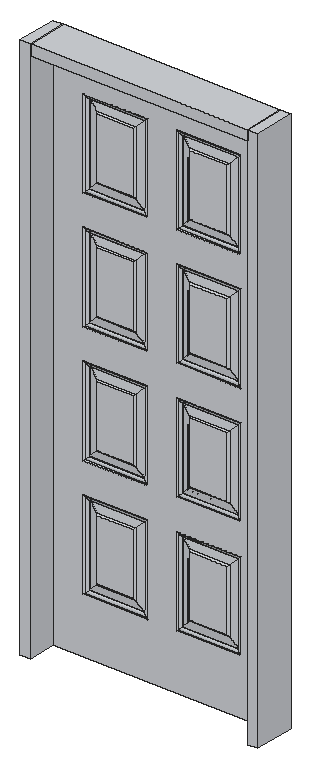
Revit family "Entrance-Doors_Steel_8-Panel-Embossment_Taylor-Entrance", category Doors, host Wall, Revit 2026
Family settings
  Host = Wall
  Classification Number = 23.30.10.00
  Always vertical = Yes
  Cut with Voids When Loaded = No
  Shared = No
  Room Calculation Point = No
Parameters (values of type "2' 8" x 6' 8"")
  URL = "https://www.groupenovatech.com/"
  Top Embossment Height = 25.3700"
  Thickness = 1.7300"
  Door Width = 31.7500"
  Door Material = none
  Door Height = 78.9400"
  Top Distance = 5.0000"
  Symbolic Pattern = Door Width  # 31.7500"
  Specification = "https://www.arcat.com/company/taylor-entrance-systems-inc-50999/spec"
  Product Page URL = "https://www.arcat.com/arcatcos/cos50/arc50999.html"
  Frame Thickness = 1.4850"
  Embossment Height = 13.0000"
  Model = ""
  Manufacturer = "Taylor Entrance Systems"
  Keynote = "08 42 00"
  Function = Interior
  Height = 78.9400"
  Wall Closure = By host
  Width = 31.7500"
  Define Thermal Properties by = Schematic Type
  Copyright = "ARCAT"
  CAD Details = "https://www.arcat.com/company/taylor-entrance-systems-inc-50999/cad"
  C - Distance = 4.3750"
  Bottom Distance = 8.1900"
  B - Distance = 4.3750"
  Analytic Construction = "<None>"
Types (6): name | Door Width | Door Material | Door Height | Symbolic Pattern | Height | Width | C - Distance | B - Distance
  2' 8" x 6' 8" | 31.7500" | none | 78.9400" | 31.7500" | 78.9400" | 31.7500" | 4.3750" | 4.3750"
  2'10" x 6' 8" | 33.7500" | none | 78.9400" | 33.7500" | 78.9400" | 33.7500" | 5.3750" | 5.3750"
  3' 0" x 6' 8" | 35.7500" | Default Wall | 78.9400" | 35.7500" | 78.9400" | 35.7500" | 6.3750" | 6.3750"
  2' 8" x 7' 0" | 31.7500" | none | 82.9400" | 31.7500" | 82.9400" | 31.7500" | 4.3750" | 4.3750"
  2'10" x 7' 0" | 33.7500" | none | 82.9400" | 33.7500" | 82.9400" | 33.7500" | 5.3750" | 5.3750"
  3' 0" x 7' 0" | 35.7500" | none | 82.9400" | 35.7500" | 82.9400" | 35.7500" | 6.3750" | 6.3750"
Reference planes (in)
  plane 1: y = 0
  plane 2 "Center (Left/Right)": x = 0
  plane 3 "Left": x = -15.875
  plane 4 "Right": x = 15.875
  plane 5: z = 78.94
  plane 6 "Exterior": y = 2.95276
  plane 7 "Interior": y = -2.95276
  plane 8: x = 11.5
  plane 9: x = -11.5
  plane 10: z = 8.19
  plane 11: z = 38.69
  plane 12: z = 25.69
  plane 13: z = 21.19
  plane 14: z = 0
  plane 15: z = 79
  plane 16: y = 1.22276
  plane 17: y = 34.70276
  plane 18: x = 17.36
  plane 19: x = -17.36
  plane 20: z = 80.425
  plane 21: x = 2.125
  plane 22: x = -2.125
  plane 23: z = 43.19
  plane 24: z = 56.19
  plane 25: z = 60.69
  plane 26: z = 73.69
Forms (in)
  Extrusion 1, solid, material <- "Door Material"
    sketch origin (0, 0, 0) x (1, 0, 0) y (0, 1, 0)
      loop
        line (-15.875, 2.95276) -> (-15.875, 1.22276) -> (15.875, 1.22276) -> (15.875, 2.95276) -> (-15.875, 2.95276)
    from 0 to 78.94
  Extrusion 2, solid, material <- "Door Material"
    sketch origin (0, 0, 0) x (1, 0, 0) y (0, 1, 0)
      loop
        line (-17.36, 2.95276) -> (-17.36, -2.95276) -> (-15.875, -2.95276) -> (-15.875, 2.95276) -> (-17.36, 2.95276)
    from 0 to 80.425
  Extrusion 3, solid, material <- "Door Material"
    sketch origin (0, 0, 0) x (1, 0, 0) y (0, 1, 0)
      loop
        line (15.875, 2.95276) -> (15.875, -2.95276) -> (17.36, -2.95276) -> (17.36, 2.95276) -> (15.875, 2.95276)
    from 0 to 80.425
  Extrusion 4, solid, material <- "Door Material"
    sketch origin (0, 0, 0) x (0, 1, 0) y (0, 0, 1)
      loop
        line (2.95276, 80.425) -> (-2.95276, 80.425) -> (-2.95276, 78.94) -> (2.95276, 78.94) -> (2.95276, 80.425)
    from -15.875 to 15.875
  Sweep 5, void
    path origin (0, 2.95276, 0) x (1, 0, 0) y (0, 0, 1)
      loop
        line (11.5, 73.69) -> (2.125, 73.69) -> (2.125, 60.69) -> (11.5, 60.69) -> (11.5, 73.69)
    profile origin (6.8125, 2.95276, 73.69) x (0, 0, -1) y (0, -1, 0)
      loop
        line (0.14115, 0.14115) -> (0, 0) -> (2, 0) -> (1.782, 0.182) -> (0.6193, 0.34015)
        arc (0.6193, 0.34015) -> (0.5959, 0.33623) -> (0.57884, 0.31974) r 0.04
        arc (0.57884, 0.31974) -> (0.39168, 0.15279) -> (0.14115, 0.14115) r 0.375
  Sweep 6, void
    path origin (-13.625, 2.95276, 0) x (1, 0, 0) y (0, 0, 1)
      loop
        line (11.5, 73.69) -> (2.125, 73.69) -> (2.125, 60.69) -> (11.5, 60.69) -> (11.5, 73.69)
    profile origin (-6.8125, 2.95276, 73.69) x (0, 0, -1) y (0, -1, 0)
      loop
        line (0.14115, 0.14115) -> (0, 0) -> (2, 0) -> (1.782, 0.182) -> (0.6193, 0.34015)
        arc (0.6193, 0.34015) -> (0.5959, 0.33623) -> (0.57884, 0.31974) r 0.04
        arc (0.57884, 0.31974) -> (0.39168, 0.15279) -> (0.14115, 0.14115) r 0.375
  Sweep 7, void
    path origin (0, 2.95276, -17.5) x (1, 0, 0) y (0, 0, 1)
      loop
        line (11.5, 73.69) -> (2.125, 73.69) -> (2.125, 60.69) -> (11.5, 60.69) -> (11.5, 73.69)
    profile origin (6.8125, 2.95276, 56.19) x (0, 0, -1) y (0, -1, 0)
      loop
        line (0.14115, 0.14115) -> (0, 0) -> (2, 0) -> (1.782, 0.182) -> (0.6193, 0.34015)
        arc (0.6193, 0.34015) -> (0.5959, 0.33623) -> (0.57884, 0.31974) r 0.04
        arc (0.57884, 0.31974) -> (0.39168, 0.15279) -> (0.14115, 0.14115) r 0.375
  Sweep 8, void
    path origin (-13.625, 2.95276, -17.5) x (1, 0, 0) y (0, 0, 1)
      loop
        line (11.5, 73.69) -> (2.125, 73.69) -> (2.125, 60.69) -> (11.5, 60.69) -> (11.5, 73.69)
    profile origin (-6.8125, 2.95276, 56.19) x (0, 0, -1) y (0, -1, 0)
      loop
        line (0.14115, 0.14115) -> (0, 0) -> (2, 0) -> (1.782, 0.182) -> (0.6193, 0.34015)
        arc (0.6193, 0.34015) -> (0.5959, 0.33623) -> (0.57884, 0.31974) r 0.04
        arc (0.57884, 0.31974) -> (0.39168, 0.15279) -> (0.14115, 0.14115) r 0.375
  Sweep 9, void
    path origin (0, 2.95276, -35) x (1, 0, 0) y (0, 0, 1)
      loop
        line (11.5, 73.69) -> (2.125, 73.69) -> (2.125, 60.69) -> (11.5, 60.69) -> (11.5, 73.69)
    profile origin (6.8125, 2.95276, 38.69) x (0, 0, -1) y (0, -1, 0)
      loop
        line (0.14115, 0.14115) -> (0, 0) -> (2, 0) -> (1.782, 0.182) -> (0.6193, 0.34015)
        arc (0.6193, 0.34015) -> (0.5959, 0.33623) -> (0.57884, 0.31974) r 0.04
        arc (0.57884, 0.31974) -> (0.39168, 0.15279) -> (0.14115, 0.14115) r 0.375
  Sweep 10, void
    path origin (-13.625, 2.95276, -35) x (1, 0, 0) y (0, 0, 1)
      loop
        line (11.5, 73.69) -> (2.125, 73.69) -> (2.125, 60.69) -> (11.5, 60.69) -> (11.5, 73.69)
    profile origin (-6.8125, 2.95276, 38.69) x (0, 0, -1) y (0, -1, 0)
      loop
        line (0.14115, 0.14115) -> (0, 0) -> (2, 0) -> (1.782, 0.182) -> (0.6193, 0.34015)
        arc (0.6193, 0.34015) -> (0.5959, 0.33623) -> (0.57884, 0.31974) r 0.04
        arc (0.57884, 0.31974) -> (0.39168, 0.15279) -> (0.14115, 0.14115) r 0.375
  Sweep 11, void
    path origin (0, 2.95276, -52.5) x (1, 0, 0) y (0, 0, 1)
      loop
        line (11.5, 73.69) -> (2.125, 73.69) -> (2.125, 60.69) -> (11.5, 60.69) -> (11.5, 73.69)
    profile origin (6.8125, 2.95276, 21.19) x (0, 0, -1) y (0, -1, 0)
      loop
        line (0.14115, 0.14115) -> (0, 0) -> (2, 0) -> (1.782, 0.182) -> (0.6193, 0.34015)
        arc (0.6193, 0.34015) -> (0.5959, 0.33623) -> (0.57884, 0.31974) r 0.04
        arc (0.57884, 0.31974) -> (0.39168, 0.15279) -> (0.14115, 0.14115) r 0.375
  Sweep 12, void
    path origin (-13.625, 2.95276, -52.5) x (1, 0, 0) y (0, 0, 1)
      loop
        line (11.5, 73.69) -> (2.125, 73.69) -> (2.125, 60.69) -> (11.5, 60.69) -> (11.5, 73.69)
    profile origin (-6.8125, 2.95276, 21.19) x (0, 0, -1) y (0, -1, 0)
      loop
        line (0.14115, 0.14115) -> (0, 0) -> (2, 0) -> (1.782, 0.182) -> (0.6193, 0.34015)
        arc (0.6193, 0.34015) -> (0.5959, 0.33623) -> (0.57884, 0.31974) r 0.04
        arc (0.57884, 0.31974) -> (0.39168, 0.15279) -> (0.14115, 0.14115) r 0.375
  Sweep 13, void
    path origin (15.875, 1.22276, 0) x (-1, 0, 0) y (0, 0, -1)
      loop
        line (27.375, -21.19) -> (27.375, -8.19) -> (18, -8.19) -> (18, -21.19) -> (27.375, -21.19)
    profile origin (-6.8125, 1.22276, 21.19) x (0, 0, 1) y (0, -1, 0)
      loop
        line (-0.14115, -0.14115) -> (0, 0) -> (-2, 0) -> (-1.782, -0.182) -> (-0.6193, -0.34015)
        arc (-0.6193, -0.34015) -> (-0.5959, -0.33623) -> (-0.57884, -0.31974) r 0.04
        arc (-0.57884, -0.31974) -> (-0.39168, -0.15279) -> (-0.14115, -0.14115) r 0.375
  Sweep 14, void
    path origin (29.5, 1.22276, 0) x (-1, 0, 0) y (0, 0, -1)
      loop
        line (27.375, -21.19) -> (27.375, -8.19) -> (18, -8.19) -> (18, -21.19) -> (27.375, -21.19)
    profile origin (6.8125, 1.22276, 21.19) x (0, 0, 1) y (0, -1, 0)
      loop
        line (-0.14115, -0.14115) -> (0, 0) -> (-2, 0) -> (-1.782, -0.182) -> (-0.6193, -0.34015)
        arc (-0.6193, -0.34015) -> (-0.5959, -0.33623) -> (-0.57884, -0.31974) r 0.04
        arc (-0.57884, -0.31974) -> (-0.39168, -0.15279) -> (-0.14115, -0.14115) r 0.375
  Sweep 15, void
    path origin (15.875, 1.22276, 17.5) x (-1, 0, 0) y (0, 0, -1)
      loop
        line (27.375, -21.19) -> (27.375, -8.19) -> (18, -8.19) -> (18, -21.19) -> (27.375, -21.19)
    profile origin (-6.8125, 1.22276, 38.69) x (0, 0, 1) y (0, -1, 0)
      loop
        line (-0.14115, -0.14115) -> (0, 0) -> (-2, 0) -> (-1.782, -0.182) -> (-0.6193, -0.34015)
        arc (-0.6193, -0.34015) -> (-0.5959, -0.33623) -> (-0.57884, -0.31974) r 0.04
        arc (-0.57884, -0.31974) -> (-0.39168, -0.15279) -> (-0.14115, -0.14115) r 0.375
  Sweep 16, void
    path origin (29.5, 1.22276, 17.5) x (-1, 0, 0) y (0, 0, -1)
      loop
        line (27.375, -21.19) -> (27.375, -8.19) -> (18, -8.19) -> (18, -21.19) -> (27.375, -21.19)
    profile origin (6.8125, 1.22276, 38.69) x (0, 0, 1) y (0, -1, 0)
      loop
        line (-0.14115, -0.14115) -> (0, 0) -> (-2, 0) -> (-1.782, -0.182) -> (-0.6193, -0.34015)
        arc (-0.6193, -0.34015) -> (-0.5959, -0.33623) -> (-0.57884, -0.31974) r 0.04
        arc (-0.57884, -0.31974) -> (-0.39168, -0.15279) -> (-0.14115, -0.14115) r 0.375
  Sweep 17, void
    path origin (15.875, 1.22276, 35) x (-1, 0, 0) y (0, 0, -1)
      loop
        line (27.375, -21.19) -> (27.375, -8.19) -> (18, -8.19) -> (18, -21.19) -> (27.375, -21.19)
    profile origin (-6.8125, 1.22276, 56.19) x (0, 0, 1) y (0, -1, 0)
      loop
        line (-0.14115, -0.14115) -> (0, 0) -> (-2, 0) -> (-1.782, -0.182) -> (-0.6193, -0.34015)
        arc (-0.6193, -0.34015) -> (-0.5959, -0.33623) -> (-0.57884, -0.31974) r 0.04
        arc (-0.57884, -0.31974) -> (-0.39168, -0.15279) -> (-0.14115, -0.14115) r 0.375
  Sweep 18, void
    path origin (29.5, 1.22276, 35) x (-1, 0, 0) y (0, 0, -1)
      loop
        line (27.375, -21.19) -> (27.375, -8.19) -> (18, -8.19) -> (18, -21.19) -> (27.375, -21.19)
    profile origin (6.8125, 1.22276, 56.19) x (0, 0, 1) y (0, -1, 0)
      loop
        line (-0.14115, -0.14115) -> (0, 0) -> (-2, 0) -> (-1.782, -0.182) -> (-0.6193, -0.34015)
        arc (-0.6193, -0.34015) -> (-0.5959, -0.33623) -> (-0.57884, -0.31974) r 0.04
        arc (-0.57884, -0.31974) -> (-0.39168, -0.15279) -> (-0.14115, -0.14115) r 0.375
  Sweep 19, void
    path origin (15.875, 1.22276, 52.5) x (-1, 0, 0) y (0, 0, -1)
      loop
        line (27.375, -21.19) -> (27.375, -8.19) -> (18, -8.19) -> (18, -21.19) -> (27.375, -21.19)
    profile origin (-6.8125, 1.22276, 73.69) x (0, 0, 1) y (0, -1, 0)
      loop
        line (-0.14115, -0.14115) -> (0, 0) -> (-2, 0) -> (-1.782, -0.182) -> (-0.6193, -0.34015)
        arc (-0.6193, -0.34015) -> (-0.5959, -0.33623) -> (-0.57884, -0.31974) r 0.04
        arc (-0.57884, -0.31974) -> (-0.39168, -0.15279) -> (-0.14115, -0.14115) r 0.375
  Sweep 20, void
    path origin (29.5, 1.22276, 52.5) x (-1, 0, 0) y (0, 0, -1)
      loop
        line (27.375, -21.19) -> (27.375, -8.19) -> (18, -8.19) -> (18, -21.19) -> (27.375, -21.19)
    profile origin (6.8125, 1.22276, 73.69) x (0, 0, 1) y (0, -1, 0)
      loop
        line (-0.14115, -0.14115) -> (0, 0) -> (-2, 0) -> (-1.782, -0.182) -> (-0.6193, -0.34015)
        arc (-0.6193, -0.34015) -> (-0.5959, -0.33623) -> (-0.57884, -0.31974) r 0.04
        arc (-0.57884, -0.31974) -> (-0.39168, -0.15279) -> (-0.14115, -0.14115) r 0.375
Cuts and joins
  Sweep 5, Sweep 6, Sweep 7, Sweep 8, Sweep 9, Sweep 10, Sweep 11, Sweep 12, Sweep 13, Sweep 14, Sweep 15, Sweep 16, Sweep 17, Sweep 18, Sweep 19, Sweep 20 cuts Extrusion 1
Lines and regions (in)
  Opening 1
    outline origin (-120.07874, -2.95276, 0) x (1, 0, 0) y (0, 0, 1)
      loop
        line (102.71874, 0) -> (137.43874, 0) -> (137.43874, 80.425) -> (102.71874, 80.425) -> (102.71874, 0)
  symbolic lines, style "DoorsPanelProjection"
    curve 1: line (-15.875, 2.95276, 0) -> (-14.14453, 2.95276, 0)
    curve 2: line (-15.875, 34.70276, 0) -> (-15.875, 2.95276, 0)
    curve 3: line (-14.14453, 34.70276, 0) -> (-15.875, 34.70276, 0)
    curve 4: line (-14.14453, 2.95276, 0) -> (-14.14453, 34.70276, 0)
    curve 5: arc (-15.875, 34.70276, 0) -> (6.57564, 25.4034, 0) -> (15.875, 2.95276, 0) r 31.75
  symbolic lines, style "Elevation Swing"
    curve 6: line (-15.875, -2.95276, 36.66) -> (15.875, -2.95276, 78.94)
    curve 7: line (-15.875, -2.95276, 36.66) -> (15.875, -2.95276, 0)
  symbolic lines
    curve 8: line (0, 2.95276, 33.9547) -> (0, 2.95276, 38.69)
Text (in)
  text "Exterior" at (-83.64806, 43.28909, 0), in view "Ref. Level"
  text "Exterior" at (0, 63.59764, 145.59372), in view "Left"
  text "Exterior" at (0, 40.78868, 152.55637), in view "Right"
  text "Interior" at (-85.30309, -10.03194, 0), in view "Ref. Level"
Dimensions and locks (in)
  equal spacing: plane 3 "Left", plane 2 "Center (Left/Right)", plane 4 "Right"  (x3)
  plane 3 "Left" to plane 4 "Right" = 31.7500"  (x2)
  "Door Height": host wall to plane 5
  host wall to plane 5 = 78.9400"
  locked: plane 6 "Exterior" to host wall
  locked: plane 7 "Interior" to host wall
  plane 13 to plane 12 = 4.5000"
  "Embossment Height": plane 10 to plane 13
  "Thickness": plane 6 "Exterior" to plane 16
  locked: curve 2 to curve 4 at 1.73047
  "Symbolic Pattern": plane 6 "Exterior" to plane 17
  "Door Width": plane 3 "Left" to plane 4 "Right"
  "Bottom Distance": level to plane 10
  plane 12 to plane 13 = 4.5000"
  "Frame Thickness": plane 4 "Right" to plane 18
  "Frame Thickness": plane 19 to plane 3 "Left"
  "Frame Thickness": plane 5 to plane 20
  "B - Distance": plane 8 to plane 4 "Right"
  "C - Distance": plane 3 "Left" to plane 9
  plane 22 to plane 2 "Center (Left/Right)" to plane 21 = 2.1250", 2.1250"
  plane 22 to plane 2 "Center (Left/Right)" to plane 21 = 2.1250" locked, 2.1250" locked
  plane 9 to plane 22 = 9.3750"
  plane 21 to plane 8 = 9.3750"
  locked: Extrusion 2 to Extrusion 4 sketch curve at 1.485
  plane 11 to plane 23 = 4.5000"
  "Embossment Height": plane 12 to plane 11
  "Embossment Height": plane 23 to plane 24
  "Embossment Height": plane 25 to plane 26
  plane 24 to plane 25 = 4.5000"
  plane 22 to plane 21 = 4.2500"
  aligned and locked: Opening 1 sketch curve to level
  aligned and locked: plane 1 to host wall
  aligned and locked: plane 6 "Exterior" to Extrusion 1 sketch curve
  aligned and locked: plane 16 to Extrusion 1 sketch curve
  aligned and locked: plane 17 to curve 3
  aligned and locked: Extrusion 1 to level
  aligned and locked: Opening 1 sketch curve to plane 19
  aligned and locked: plane 20 to Opening 1 sketch curve
  aligned and locked: plane 18 to Opening 1 sketch curve
  aligned and locked: plane 3 "Left" to Extrusion 2 sketch curve
  aligned and locked: plane 19 to Extrusion 2 sketch curve
  aligned and locked: plane 6 "Exterior" to Extrusion 2 sketch curve
  aligned and locked: Extrusion 2 sketch curve to plane 7 "Interior"
  aligned and locked: plane 20 to Extrusion 2
  aligned and locked: plane 18 to Extrusion 3 sketch curve
  aligned and locked: Extrusion 3 sketch curve to plane 4 "Right"
  aligned and locked: plane 6 "Exterior" to Extrusion 3 sketch curve
  aligned and locked: Extrusion 3 sketch curve to plane 7 "Interior"
  aligned and locked: plane 20 to Extrusion 3
  aligned and locked: Extrusion 4 sketch curve to plane 20
  aligned and locked: plane 6 "Exterior" to Extrusion 4 sketch curve
  aligned and locked: Extrusion 4 sketch curve to plane 7 "Interior"
  aligned and locked: plane 3 "Left" to Extrusion 4
  aligned and locked: Extrusion 4 to plane 4 "Right"
  aligned and locked: plane 26 to Sweep 5 sketch curve
  aligned and locked: plane 8 to Sweep 5 sketch curve
  aligned and locked: Sweep 5 sketch curve to plane 25
  aligned and locked: plane 21 to Sweep 5 sketch curve
  aligned and locked: Sweep 6 sketch curve to plane 26
  aligned and locked: Sweep 6 sketch curve to plane 9
  aligned and locked: plane 25 to Sweep 6 sketch curve
  aligned and locked: plane 22 to Sweep 6 sketch curve
  aligned and locked: Sweep 7 sketch curve to plane 24
  aligned and locked: Sweep 7 sketch curve to plane 21
  aligned and locked: plane 23 to Sweep 7 sketch curve
  aligned and locked: Sweep 7 sketch curve to plane 8
  aligned and locked: Sweep 8 sketch curve to plane 24
  aligned and locked: Sweep 8 sketch curve to plane 9
  aligned and locked: plane 23 to Sweep 8 sketch curve
  aligned and locked: plane 22 to Sweep 8 sketch curve
  aligned and locked: Sweep 9 sketch curve to plane 11
  aligned and locked: Sweep 9 sketch curve to plane 21
  aligned and locked: plane 12 to Sweep 9 sketch curve
  aligned and locked: Sweep 9 sketch curve to plane 8
  aligned and locked: Sweep 10 sketch curve to plane 11
  aligned and locked: Sweep 10 sketch curve to plane 9
  aligned and locked: plane 12 to Sweep 10 sketch curve
  aligned and locked: plane 22 to Sweep 10 sketch curve
  aligned and locked: Sweep 11 sketch curve to plane 13
  aligned and locked: Sweep 11 sketch curve to plane 21
  aligned and locked: plane 10 to Sweep 11 sketch curve
  aligned and locked: Sweep 11 sketch curve to plane 8
  aligned and locked: Sweep 12 sketch curve to plane 13
  aligned and locked: Sweep 12 sketch curve to plane 9
  aligned and locked: plane 10 to Sweep 12 sketch curve
  aligned and locked: plane 22 to Sweep 12 sketch curve
  aligned and locked: Sweep 13 sketch curve to plane 13
  aligned and locked: Sweep 13 sketch curve to plane 9
  aligned and locked: plane 10 to Sweep 13 sketch curve
  aligned and locked: plane 22 to Sweep 13 sketch curve
  aligned and locked: Sweep 14 sketch curve to plane 13
  aligned and locked: Sweep 14 sketch curve to plane 8
  aligned and locked: plane 10 to Sweep 14 sketch curve
  aligned and locked: Sweep 14 sketch curve to plane 21
  aligned and locked: Sweep 15 sketch curve to plane 11
  aligned and locked: plane 22 to Sweep 15 sketch curve
  aligned and locked: plane 12 to Sweep 15 sketch curve
  aligned and locked: Sweep 15 sketch curve to plane 9
  aligned and locked: Sweep 16 sketch curve to plane 11
  aligned and locked: Sweep 16 sketch curve to plane 8
  aligned and locked: plane 12 to Sweep 16 sketch curve
  aligned and locked: Sweep 16 sketch curve to plane 21
  aligned and locked: Sweep 17 sketch curve to plane 24
  aligned and locked: plane 22 to Sweep 17 sketch curve
  aligned and locked: plane 23 to Sweep 17 sketch curve
  aligned and locked: Sweep 17 sketch curve to plane 9
  aligned and locked: Sweep 18 sketch curve to plane 24
  aligned and locked: Sweep 18 sketch curve to plane 8
  aligned and locked: plane 23 to Sweep 18 sketch curve
  aligned and locked: Sweep 18 sketch curve to plane 21
  aligned and locked: Sweep 19 sketch curve to plane 26
  aligned and locked: plane 22 to Sweep 19 sketch curve
  aligned and locked: plane 25 to Sweep 19 sketch curve
  aligned and locked: Sweep 19 sketch curve to plane 9
  aligned and locked: Sweep 20 sketch curve to plane 26
  aligned and locked: Sweep 20 sketch curve to plane 8
  aligned and locked: plane 25 to Sweep 20 sketch curve
  aligned and locked: Sweep 20 sketch curve to plane 21
  aligned and locked: cut or joined group of Extrusion 1, Sweep 5, Sweep 6, Sweep 7, Sweep 8, Sweep 9, Sweep 10, Sweep 11, Sweep 12, Sweep 13, Sweep 14, Sweep 15, Sweep 16, Sweep 17, Sweep 18, Sweep 19, Sweep 20 to plane 5
Automatic sketch dimensions
  curve 8 to host wall = 0.0000"
  curve 8 to plane 11 = 0.0000"
  host wall to curve 8 = 0.0000"
  curve 8 to curve 8 = 4.7353"
  Extrusion 1 sketch curve to plane 3 "Left" = 0.0000"
  Extrusion 1 sketch curve to plane 4 "Right" = 0.0000"
  curve 1 to host wall = 0.0000"
  curve 1 to plane 3 "Left" = 0.0000"
  curve 5 to host wall = 0.0000"
  plane 3 "Left" to curve 7 = 0.0000"
  curve 7 to level = 0.0000"
  plane 4 "Right" to curve 7 = 0.0000"
  plane 4 "Right" to curve 6 = 0.0000"
  curve 6 to plane 5 = 0.0000"
  curve 7 to plane 11 = 2.0300"
  Sweep 5 sketch curve to plane 6 "Exterior" = 0.0000"
  Sweep 5 sketch curve to profile plane = 0.0000"
  Sweep 5 sketch curve to profile plane = 0.14115"
  Sweep 5 sketch curve to profile plane = 0.2500"
  Sweep 5 sketch curve to Sweep 5 sketch curve = 0.36391"
  plane 6 "Exterior" to Sweep 5 sketch curve = 0.34015"
  Sweep 5 sketch curve to Sweep 5 sketch curve = 0.00539"
  plane 6 "Exterior" to Sweep 5 sketch curve = 0.1820"
  Sweep 5 sketch curve to Sweep 5 sketch curve = 1.1627"
  Sweep 5 sketch curve to Sweep 5 sketch curve = 0.2180"
  plane 6 "Exterior" to Sweep 5 sketch curve = 0.14115"
  Sweep 5 sketch curve to Sweep 5 sketch curve = 0.35885"
  Sweep 6 sketch curve to plane 6 "Exterior" = 0.0000"
  Sweep 6 sketch curve to profile plane = 0.0000"
  Sweep 6 sketch curve to profile plane = 0.14115"
  Sweep 6 sketch curve to profile plane = 0.2500"
  Sweep 6 sketch curve to Sweep 6 sketch curve = 0.36391"
  plane 6 "Exterior" to Sweep 6 sketch curve = 0.34015"
  Sweep 6 sketch curve to Sweep 6 sketch curve = 0.00539"
  plane 6 "Exterior" to Sweep 6 sketch curve = 0.1820"
  Sweep 6 sketch curve to Sweep 6 sketch curve = 1.1627"
  Sweep 6 sketch curve to Sweep 6 sketch curve = 0.2180"
  plane 6 "Exterior" to Sweep 6 sketch curve = 0.14115"
  Sweep 6 sketch curve to Sweep 6 sketch curve = 0.35885"
  Sweep 7 sketch curve to plane 6 "Exterior" = 0.0000"
  Sweep 7 sketch curve to profile plane = 0.0000"
  Sweep 7 sketch curve to profile plane = 0.14115"
  Sweep 7 sketch curve to profile plane = 0.2500"
  Sweep 7 sketch curve to Sweep 7 sketch curve = 0.36391"
  plane 6 "Exterior" to Sweep 7 sketch curve = 0.34015"
  Sweep 7 sketch curve to Sweep 7 sketch curve = 0.00539"
  plane 6 "Exterior" to Sweep 7 sketch curve = 0.1820"
  Sweep 7 sketch curve to Sweep 7 sketch curve = 1.1627"
  Sweep 7 sketch curve to Sweep 7 sketch curve = 0.2180"
  plane 6 "Exterior" to Sweep 7 sketch curve = 0.14115"
  Sweep 7 sketch curve to Sweep 7 sketch curve = 0.35885"
  Sweep 8 sketch curve to plane 6 "Exterior" = 0.0000"
  Sweep 8 sketch curve to profile plane = 0.0000"
  Sweep 8 sketch curve to profile plane = 0.14115"
  Sweep 8 sketch curve to profile plane = 0.2500"
  Sweep 8 sketch curve to Sweep 8 sketch curve = 0.36391"
  plane 6 "Exterior" to Sweep 8 sketch curve = 0.34015"
  Sweep 8 sketch curve to Sweep 8 sketch curve = 0.00539"
  plane 6 "Exterior" to Sweep 8 sketch curve = 0.1820"
  Sweep 8 sketch curve to Sweep 8 sketch curve = 1.1627"
  Sweep 8 sketch curve to Sweep 8 sketch curve = 0.2180"
  plane 6 "Exterior" to Sweep 8 sketch curve = 0.14115"
  Sweep 8 sketch curve to Sweep 8 sketch curve = 0.35885"
  Sweep 9 sketch curve to plane 6 "Exterior" = 0.0000"
  Sweep 9 sketch curve to profile plane = 0.0000"
  Sweep 9 sketch curve to profile plane = 0.14115"
  Sweep 9 sketch curve to profile plane = 0.2500"
  Sweep 9 sketch curve to Sweep 9 sketch curve = 0.36391"
  plane 6 "Exterior" to Sweep 9 sketch curve = 0.34015"
  Sweep 9 sketch curve to Sweep 9 sketch curve = 0.00539"
  plane 6 "Exterior" to Sweep 9 sketch curve = 0.1820"
  Sweep 9 sketch curve to Sweep 9 sketch curve = 1.1627"
  Sweep 9 sketch curve to Sweep 9 sketch curve = 0.2180"
  plane 6 "Exterior" to Sweep 9 sketch curve = 0.14115"
  Sweep 9 sketch curve to Sweep 9 sketch curve = 0.35885"
  Sweep 10 sketch curve to plane 6 "Exterior" = 0.0000"
  Sweep 10 sketch curve to profile plane = 0.0000"
  Sweep 10 sketch curve to profile plane = 0.14115"
  Sweep 10 sketch curve to profile plane = 0.2500"
  Sweep 10 sketch curve to Sweep 10 sketch curve = 0.36391"
  plane 6 "Exterior" to Sweep 10 sketch curve = 0.34015"
  Sweep 10 sketch curve to Sweep 10 sketch curve = 0.00539"
  plane 6 "Exterior" to Sweep 10 sketch curve = 0.1820"
  Sweep 10 sketch curve to Sweep 10 sketch curve = 1.1627"
  Sweep 10 sketch curve to Sweep 10 sketch curve = 0.2180"
  plane 6 "Exterior" to Sweep 10 sketch curve = 0.14115"
  Sweep 10 sketch curve to Sweep 10 sketch curve = 0.35885"
  Sweep 11 sketch curve to plane 6 "Exterior" = 0.0000"
  Sweep 11 sketch curve to profile plane = 0.0000"
  Sweep 11 sketch curve to profile plane = 0.14115"
  Sweep 11 sketch curve to profile plane = 0.2500"
  Sweep 11 sketch curve to Sweep 11 sketch curve = 0.36391"
  plane 6 "Exterior" to Sweep 11 sketch curve = 0.34015"
  Sweep 11 sketch curve to Sweep 11 sketch curve = 0.00539"
  plane 6 "Exterior" to Sweep 11 sketch curve = 0.1820"
  Sweep 11 sketch curve to Sweep 11 sketch curve = 1.1627"
  Sweep 11 sketch curve to Sweep 11 sketch curve = 0.2180"
  plane 6 "Exterior" to Sweep 11 sketch curve = 0.14115"
  Sweep 11 sketch curve to Sweep 11 sketch curve = 0.35885"
  Sweep 12 sketch curve to plane 6 "Exterior" = 0.0000"
  Sweep 12 sketch curve to profile plane = 0.0000"
  Sweep 12 sketch curve to profile plane = 0.14115"
  Sweep 12 sketch curve to profile plane = 0.2500"
  Sweep 12 sketch curve to Sweep 12 sketch curve = 0.36391"
  plane 6 "Exterior" to Sweep 12 sketch curve = 0.34015"
  Sweep 12 sketch curve to Sweep 12 sketch curve = 0.00539"
  plane 6 "Exterior" to Sweep 12 sketch curve = 0.1820"
  Sweep 12 sketch curve to Sweep 12 sketch curve = 1.1627"
  Sweep 12 sketch curve to Sweep 12 sketch curve = 0.2180"
  plane 6 "Exterior" to Sweep 12 sketch curve = 0.14115"
  Sweep 12 sketch curve to Sweep 12 sketch curve = 0.35885"
  Sweep 13 sketch curve to profile plane = 0.0000"
  profile plane to Sweep 13 sketch curve = 0.0000"
  profile plane to Sweep 13 sketch curve = 0.14115"
  profile plane to Sweep 13 sketch curve = 0.2500"
  Sweep 13 sketch curve to Sweep 13 sketch curve = 0.36391"
  Sweep 13 sketch curve to profile plane = 0.34015"
  Sweep 13 sketch curve to Sweep 13 sketch curve = 0.00539"
  Sweep 13 sketch curve to profile plane = 0.1820"
  Sweep 13 sketch curve to Sweep 13 sketch curve = 1.1627"
  Sweep 13 sketch curve to Sweep 13 sketch curve = 0.2180"
  Sweep 13 sketch curve to Sweep 13 sketch curve = 0.15985"
  Sweep 13 sketch curve to profile plane = 0.14115"
  Sweep 14 sketch curve to profile plane = 0.0000"
  profile plane to Sweep 14 sketch curve = 0.0000"
  profile plane to Sweep 14 sketch curve = 0.14115"
  profile plane to Sweep 14 sketch curve = 0.2500"
  Sweep 14 sketch curve to Sweep 14 sketch curve = 0.36391"
  Sweep 14 sketch curve to profile plane = 0.34015"
  Sweep 14 sketch curve to Sweep 14 sketch curve = 0.00539"
  Sweep 14 sketch curve to profile plane = 0.1820"
  Sweep 14 sketch curve to Sweep 14 sketch curve = 1.1627"
  Sweep 14 sketch curve to Sweep 14 sketch curve = 0.2180"
  Sweep 14 sketch curve to Sweep 14 sketch curve = 0.15985"
  Sweep 14 sketch curve to profile plane = 0.14115"
  Sweep 15 sketch curve to profile plane = 0.0000"
  profile plane to Sweep 15 sketch curve = 0.0000"
  profile plane to Sweep 15 sketch curve = 0.14115"
  profile plane to Sweep 15 sketch curve = 0.2500"
  Sweep 15 sketch curve to Sweep 15 sketch curve = 0.36391"
  Sweep 15 sketch curve to profile plane = 0.34015"
  Sweep 15 sketch curve to Sweep 15 sketch curve = 0.00539"
  Sweep 15 sketch curve to profile plane = 0.1820"
  Sweep 15 sketch curve to Sweep 15 sketch curve = 1.1627"
  Sweep 15 sketch curve to Sweep 15 sketch curve = 0.2180"
  Sweep 15 sketch curve to Sweep 15 sketch curve = 0.15985"
  Sweep 15 sketch curve to profile plane = 0.14115"
  Sweep 16 sketch curve to profile plane = 0.0000"
  profile plane to Sweep 16 sketch curve = 0.0000"
  profile plane to Sweep 16 sketch curve = 0.14115"
  profile plane to Sweep 16 sketch curve = 0.2500"
  Sweep 16 sketch curve to Sweep 16 sketch curve = 0.36391"
  Sweep 16 sketch curve to profile plane = 0.34015"
  Sweep 16 sketch curve to Sweep 16 sketch curve = 0.00539"
  Sweep 16 sketch curve to profile plane = 0.1820"
  Sweep 16 sketch curve to Sweep 16 sketch curve = 1.1627"
  Sweep 16 sketch curve to Sweep 16 sketch curve = 0.2180"
  Sweep 16 sketch curve to Sweep 16 sketch curve = 0.15985"
  Sweep 16 sketch curve to profile plane = 0.14115"
  Sweep 17 sketch curve to profile plane = 0.0000"
  profile plane to Sweep 17 sketch curve = 0.0000"
  profile plane to Sweep 17 sketch curve = 0.14115"
  profile plane to Sweep 17 sketch curve = 0.2500"
  Sweep 17 sketch curve to Sweep 17 sketch curve = 0.36391"
  Sweep 17 sketch curve to profile plane = 0.34015"
  Sweep 17 sketch curve to Sweep 17 sketch curve = 0.00539"
  Sweep 17 sketch curve to profile plane = 0.1820"
  Sweep 17 sketch curve to Sweep 17 sketch curve = 1.1627"
  Sweep 17 sketch curve to Sweep 17 sketch curve = 0.2180"
  Sweep 17 sketch curve to Sweep 17 sketch curve = 0.15985"
  Sweep 17 sketch curve to profile plane = 0.14115"
  Sweep 18 sketch curve to profile plane = 0.0000"
  profile plane to Sweep 18 sketch curve = 0.0000"
  profile plane to Sweep 18 sketch curve = 0.14115"
  profile plane to Sweep 18 sketch curve = 0.2500"
  Sweep 18 sketch curve to Sweep 18 sketch curve = 0.36391"
  Sweep 18 sketch curve to profile plane = 0.34015"
  Sweep 18 sketch curve to Sweep 18 sketch curve = 0.00539"
  Sweep 18 sketch curve to profile plane = 0.1820"
  Sweep 18 sketch curve to Sweep 18 sketch curve = 1.1627"
  Sweep 18 sketch curve to Sweep 18 sketch curve = 0.2180"
  Sweep 18 sketch curve to Sweep 18 sketch curve = 0.15985"
  Sweep 18 sketch curve to profile plane = 0.14115"
  Sweep 19 sketch curve to profile plane = 0.0000"
  profile plane to Sweep 19 sketch curve = 0.0000"
  profile plane to Sweep 19 sketch curve = 0.14115"
  profile plane to Sweep 19 sketch curve = 0.2500"
  Sweep 19 sketch curve to Sweep 19 sketch curve = 0.36391"
  Sweep 19 sketch curve to profile plane = 0.34015"
  Sweep 19 sketch curve to Sweep 19 sketch curve = 0.00539"
  Sweep 19 sketch curve to profile plane = 0.1820"
  Sweep 19 sketch curve to Sweep 19 sketch curve = 1.1627"
  Sweep 19 sketch curve to Sweep 19 sketch curve = 0.2180"
  Sweep 19 sketch curve to Sweep 19 sketch curve = 0.15985"
  Sweep 19 sketch curve to profile plane = 0.14115"
  Sweep 20 sketch curve to profile plane = 0.0000"
  profile plane to Sweep 20 sketch curve = 0.0000"
  profile plane to Sweep 20 sketch curve = 0.14115"
  profile plane to Sweep 20 sketch curve = 0.2500"
  Sweep 20 sketch curve to Sweep 20 sketch curve = 0.36391"
  Sweep 20 sketch curve to profile plane = 0.34015"
  Sweep 20 sketch curve to Sweep 20 sketch curve = 0.00539"
  Sweep 20 sketch curve to profile plane = 0.1820"
  Sweep 20 sketch curve to Sweep 20 sketch curve = 1.1627"
  Sweep 20 sketch curve to Sweep 20 sketch curve = 0.2180"
  Sweep 20 sketch curve to Sweep 20 sketch curve = 0.15985"
  Sweep 20 sketch curve to profile plane = 0.14115"
